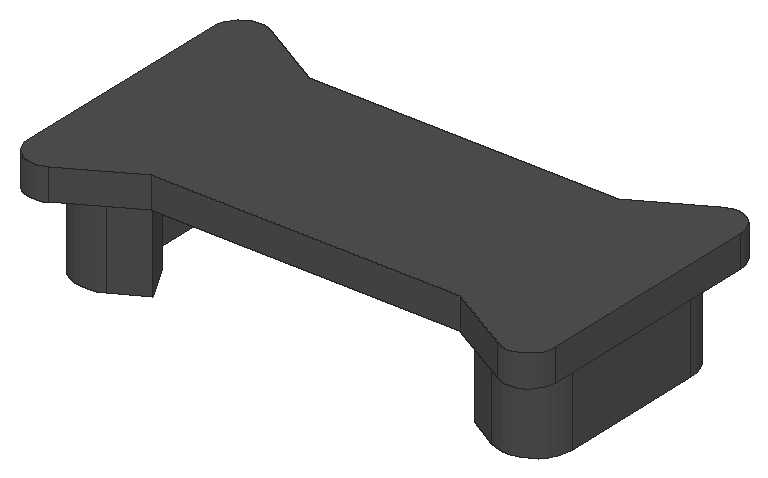
Revit family "SIGNUM Schutzkappe", category HLS-Bauteile, Revit 2023
Family settings
  Bemaßung runder Anschluss = Durchmesser verwenden
  Teiletyp = Normal
  Arbeitsebenenbasiert = Ja
  Immer vertikal = Nein
  Beim Laden mit Abzugskörper schneiden = Nein
  Beschriftungsausrichtung beibehalten = Nein
  Gemeinsam genutzt = Ja
  Raumberechnungspunkt = Nein
Parameters
  vpe = "50"
  Default Elevation = 1219.2 mm
  Regelhalter [instance] = ""
  Profiltyp = "LP50"
  Mengeneinheit = "St"
  Materialname = "PE"
  Material = "Kunststoff"
  Kurztext2 = "für Profil LP50 PE Schwarz"
  Kurztext1 = "SIGNUM Schutzkappe LP50"
  Gewicht = 0.004 kg
  Firma = "MEFA Befestigungs- und Montagesysteme GmbH"
  Farbe = "Schwarz"
  Fabrikat = "MEFA"
  EAN = "4250928467522"
  Artikelnummer = "0809055"
Reference planes
  plane 1 "Mitte (Vorne/hinten)": y = 0
  plane 2: z = 0
  plane 3 "Mitte (Links/rechts)": x = 0
  plane 4: z = 3
  plane 5: y = -9.028
  plane 6: x = 6.592
  plane 7: z = -8
  plane 8: y = 0
  plane 9: x = 25
  plane 10: y = 13.5
  plane 11: y = -13.5
  plane 12: through (9.078, 10.089, 1200) normal (0.5, 0.866, 0)
  plane 13: through (9.882, 8.527, 1200) normal (-0.866, 0.5, 0)
  plane 14: through (7.402, -11.056, 1200) normal (-0.5, 0.866, 0)
  plane 15: through (9.504, -7.871, 1200) normal (0.866, 0.5, 0)
  plane 16: y = -9.028
  plane 17: x = 43.408
  plane 18: through (40.922, 10.089, 1200) normal (0.5, -0.866, 0)
  plane 19: through (40.118, 8.527, 1200) normal (-0.866, -0.5, 0)
  plane 20: through (42.598, -11.056, 1200) normal (-0.5, -0.866, 0)
  plane 21: through (40.496, -7.871, 1200) normal (0.866, -0.5, 0)
Forms (mm)
  Extrusion 1, solid, material "MEFA Kunstoff PE"
    sketch origin (2.592, -13.028, 0) x (1, 0, 0) y (0, 1, 0)
      loop
        line (7.765, 3.678) -> (37.075, 3.678) -> (43.683, -0.137)
        arc (43.683, -0.137) -> (46.183, -0.137) -> (47.433, 2.028) r 2.5
        line (47.433, 2.028) -> (47.433, 24.028)
        arc (47.433, 24.028) -> (46.183, 26.193) -> (43.683, 26.193) r 2.5
        line (43.683, 26.193) -> (37.075, 22.378) -> (7.765, 22.378) -> (1.157, 26.193)
        arc (1.157, 26.193) -> (-1.343, 26.193) -> (-2.593, 24.028) r 2.5
        line (-2.593, 24.028) -> (-2.593, 2.028)
        arc (-2.593, 2.028) -> (-1.343, -0.137) -> (1.157, -0.137) r 2.5
        line (1.157, -0.137) -> (7.765, 3.678)
    from 0 to 3
  Extrusion 2, solid, material "MEFA Kunstoff PE"
    sketch origin (2.592, -13.028, 0) x (1, 0, 0) y (0, 1, 0)
      loop
        line (7.181, 21.366) -> (4.137, 23.096)
        arc (4.137, 23.096) -> (0.648, 23.078) -> (-1.092, 20.053) r 3.5
        line (-1.092, 20.053) -> (-1.092, 6.003)
        arc (-1.092, 6.003) -> (0.648, 2.977) -> (4.137, 2.96) r 3.5
        line (4.137, 2.96) -> (7.182, 4.69) -> (5.182, 8.154) -> (2.908, 6.862) -> (2.908, 19.193) -> (5.181, 17.902) -> (7.181, 21.366)
    from 0 to -8
  Extrusion 3, solid, material "Acetalharz, schwarz"
    sketch origin (0, 0, 0) x (1, 0, 0) y (0, 1, 0)
      loop
        line (5.5, 1) -> (5.5, -1) -> (44.5, -1) -> (44.5, 1) -> (5.5, 1)
    from 0 to -5
  Extrusion 4, solid, material "MEFA Kunstoff PE"
    sketch origin (47.408, -13.028, 0) x (-1, 0, 0) y (0, -1, 0)
      loop
        line (7.181, -21.366) -> (5.181, -17.902) -> (2.908, -19.193) -> (2.908, -6.862) -> (5.182, -8.154) -> (7.182, -4.69) -> (4.137, -2.96)
        arc (4.137, -2.96) -> (0.648, -2.977) -> (-1.092, -6.003) r 3.5
        line (-1.092, -6.003) -> (-1.092, -20.053)
        arc (-1.092, -20.053) -> (0.648, -23.078) -> (4.137, -23.096) r 3.5
        line (4.137, -23.096) -> (7.181, -21.366)
    from 0 to -8
Lines and regions (mm)
  model lines, not visible
    curve 1: line (2.592, 0, 0) -> (47.592, 0, 0)
    curve 2: line (25, 12.972, 0) -> (25, -13.028, 0)
Dimensions and locks
  level to plane 4 = 3 mm
  plane 3 "Mitte (Links/rechts)" to plane 6 = 6.592 mm
  plane 1 "Mitte (Vorne/hinten)" to plane 5 = 9.028 mm
  plane 7 to level = 8 mm
  aligned and locked: level to plane 2
  aligned and locked: plane 4 to Extrusion 1
  aligned and locked: level to Extrusion 2
  aligned and locked: Extrusion 2 to plane 7
  aligned and locked: plane 1 "Mitte (Vorne/hinten)" to curve 1
Nested families
  nested 1: "MEFA Logo Dübel Grau mittel" at (9.5, -3.69, 3), type "MEFA Logo Dübel Grau mittel"
Definition of nested family "MEFA Logo Dübel Grau mittel"
  Parameters (values of type "MEFA Logo Dübel Grau mittel")
    Default Elevation = 1219.2 mm
    Regelhalter [instance] = ""
  Reference planes
    plane 1 "Mitte (Vorne/hinten)": y = 0
    plane 2: z = 0
    plane 3 "Mitte (Links/rechts)": x = 0
    plane 4: x = 31
    plane 5: z = 0
    plane 6: y = 7.381
    plane 7: x = 15.5
    plane 8: y = 3.69
  Forms (mm)
    Extrusion 1, solid, not visible
      sketch origin (0, 0, 0) x (1, 0, 0) y (0, 1, 0)
        loop
          line (-1219.2, 1219.2) -> (-1219.2, -1219.2) -> (1219.2, -1219.2) -> (1219.2, 1219.2) -> (-1219.2, 1219.2)
      from 0 to -62.183
  Lines and regions (mm)
    model lines
      curve 1: line (25.924, 5.085, 0) -> (25.924, 3.732, 0)
      curve 2: line (25.924, 3.732, 0) -> (27.752, 3.732, 0)
      curve 3: line (27.752, 3.732, 0) -> (27.752, 5.085, 0)
      curve 4: line (27.752, 5.085, 0) -> (25.924, 5.085, 0)
      curve 5: arc (25.074, 6.331, 0) -> (24.383, 6.045, 0) -> (24.096, 5.354, 0) r 0.977
      curve 6: arc (29.557, 5.354, 0) -> (29.27, 6.045, 0) -> (28.579, 6.331, 0) r 0.977
      curve 7: arc (0, 8.697, 0) -> (0.447, 9.296, 0) -> (1.148, 9.039, 0) r 0.625
      curve 8: arc (30.267, 7.381, 0) -> (30.785, 7.166, 0) -> (31, 6.648, 0) r 0.733
      curve 9: arc (0, -1.316, 0) -> (0.447, -1.915, 0) -> (1.148, -1.658, 0) r 0.625
      curve 10: arc (30.267, 0, 0) -> (30.785, 0.215, 0) -> (31, 0.733, 0) r 0.733
      curve 11: line (25.074, 6.331, 0) -> (28.579, 6.331, 0)
      curve 12: line (29.557, 5.354, 0) -> (29.557, 1.05, 0)
      curve 13: line (29.557, 1.05, 0) -> (27.752, 1.05, 0)
      curve 14: line (27.752, 1.05, 0) -> (27.752, 2.328, 0)
      curve 15: line (27.752, 2.328, 0) -> (25.924, 2.328, 0)
      curve 16: line (25.924, 2.328, 0) -> (25.924, 1.05, 0)
      curve 17: line (25.924, 1.05, 0) -> (24.096, 1.05, 0)
      curve 18: line (24.096, 1.05, 0) -> (24.096, 5.354, 0)
      curve 19: line (2.92, 6.331, 0) -> (2.92, 1.05, 0)
      curve 20: line (2.92, 1.05, 0) -> (4.921, 1.05, 0)
      curve 21: line (4.921, 1.05, 0) -> (4.921, 4.079, 0)
      curve 22: line (4.921, 4.079, 0) -> (5.905, 1.05, 0)
      curve 23: line (5.905, 1.05, 0) -> (7.348, 1.05, 0)
      curve 24: line (7.348, 1.05, 0) -> (8.332, 4.079, 0)
      curve 25: line (8.332, 4.079, 0) -> (8.332, 1.05, 0)
      curve 26: line (8.332, 1.05, 0) -> (10.333, 1.05, 0)
      curve 27: line (10.333, 1.05, 0) -> (10.333, 6.331, 0)
      curve 28: line (10.333, 6.331, 0) -> (7.315, 6.331, 0)
      curve 29: line (7.315, 6.331, 0) -> (6.626, 3.55, 0)
      curve 30: line (6.626, 3.55, 0) -> (5.938, 6.331, 0)
      curve 31: line (5.938, 6.331, 0) -> (2.92, 6.331, 0)
      curve 32: line (1.148, 9.039, 0) -> (2.231, 7.381, 0)
      curve 33: line (2.231, 7.381, 0) -> (30.267, 7.381, 0)
      curve 34: line (11.711, 6.331, 0) -> (16.829, 6.331, 0)
      curve 35: line (16.829, 6.331, 0) -> (16.829, 5.085, 0)
      curve 36: line (16.829, 5.085, 0) -> (13.778, 5.085, 0)
      curve 37: line (13.778, 5.085, 0) -> (13.778, 4.33, 0)
      curve 38: line (13.778, 4.33, 0) -> (16.615, 4.33, 0)
      curve 39: line (16.615, 4.33, 0) -> (16.615, 3.051, 0)
      curve 40: line (16.615, 3.051, 0) -> (13.778, 3.051, 0)
      curve 41: line (13.778, 3.051, 0) -> (13.778, 2.296, 0)
      curve 42: line (13.778, 2.296, 0) -> (16.829, 2.296, 0)
      curve 43: line (16.829, 2.296, 0) -> (16.829, 1.05, 0)
      curve 44: line (16.829, 1.05, 0) -> (11.711, 1.05, 0)
      curve 45: line (11.711, 1.05, 0) -> (11.711, 6.331, 0)
      curve 46: line (18.239, 6.331, 0) -> (23.16, 6.331, 0)
      curve 47: line (23.16, 6.331, 0) -> (23.16, 5.085, 0)
      curve 48: line (23.16, 5.085, 0) -> (20.273, 5.085, 0)
      curve 49: line (20.273, 5.085, 0) -> (20.273, 4.33, 0)
      curve 50: line (20.273, 4.33, 0) -> (22.93, 4.33, 0)
      curve 51: line (22.93, 4.33, 0) -> (22.93, 3.051, 0)
      curve 52: line (22.93, 3.051, 0) -> (20.273, 3.051, 0)
      curve 53: line (20.273, 3.051, 0) -> (20.273, 1.05, 0)
      curve 54: line (20.273, 1.05, 0) -> (18.239, 1.05, 0)
      curve 55: line (18.239, 1.05, 0) -> (18.239, 6.331, 0)
      curve 56: line (1.148, -1.658, 0) -> (2.231, 0, 0)
      curve 57: line (2.231, 0, 0) -> (30.267, 0, 0)
      curve 58: line (0, 8.697, 0) -> (0, -1.316, 0)
      curve 59: line (31, 6.648, 0) -> (31, 0.733, 0)
  Dimensions and locks
    plane 3 "Mitte (Links/rechts)" to plane 4 = 31 mm
    Extrusion 1 to plane 5 = 0 mm
    plane 6 to plane 1 "Mitte (Vorne/hinten)" = 7.381 mm
    plane 3 "Mitte (Links/rechts)" to plane 7 to plane 4 = 15.5 mm, 15.5 mm
    aligned and locked: plane 2 to Extrusion 1
    aligned and locked: level to Extrusion 1
